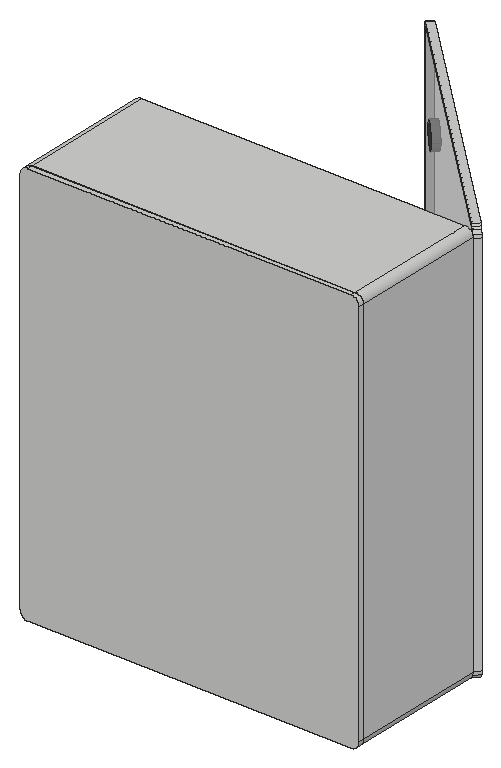
Revit family "Building-ContenitoriParete-GEWISS-44CEP-QUADRI-GWPLAST_PORTA_OBLO_IP55", category Attrezzatura elettrica, host Muro, Revit 2016
Family settings
  Host = Muro
  Configurazione quadro = Due colonne, circuiti in orizzontale
  Tipo di parte = Pannello comandi
  Quota connettore circolare = Usa diametro
  Numero OmniClass = 23.80.30.11.17
  Titolo OmniClass = Distribution Boards and Control Panels
  Sempre verticale = Sì
  Taglio con vuoti quando caricato = No
  Condiviso = No
  Punto di calcolo locali = Sì
Parameters (values of type "GW44821 - QUADRO 396X474X160 IP55 PORTA TRASP.")
  Vista di pianta [instance] = yes
  Versione file RFA = "18.0"
  URL = "https://www.gewiss.com/it/it"
  Tipologia porta = "Porta trasparente"
  Tipo Materiale = "Halogen free secondo norma EN 60754-2"
  Termopressione con biglia = "110 °C"
  Tensione nominale massima di impiego (Ue) = "750V"
  Tensione nominale di tenuta ad impulso = "750V"
  Tensione nominale di isolamento (Ui) = "750V"
  Tensione di isolamento: = "750 V"
  Tensione di isolamento = "750V"
  Temperatura di impiego = "-25 +60 °C"
  Struttura quadro = GEWISS - GRIGIO RAL 7035
  Sportello visibile [instance] = yes
  Spessore quadro = 160 mm
  Simbolo [instance] = yes
  Scheda Tecnica = "https://www.gewiss.com/it/it/search?q=GW44821"
  SEO = "Quadro"
  Resistenza agli urti = "IK08"
  Produttore = "GEWISS S.p.A."
  Potenza quadro = 0 V
  Potenza dissipabile B (W) = "46"
  Potenza dissipabile A (W) = "52"
  Porta = GEWISS - Pannello oblo : 2 FORI
  Pannello trasparente = GEWISS COPERCHIO TRASPARENTE
  Pannello = GEWISS - GRIGIO RAL 7035
  Offset etichetta nome quadro [instance] = 685.076 mm
  Normativa = "EN 61439-1, EN 61439-2, EN60670-1, IEC 60670-24"
  Norma di riferimento = "EN 61439-1, EN 61439-2, EN60670-1, IEC 60670-24"
  N. serrature = "2"
  N. mod. EN 50022: = "32 (16X2)"
  N. mod. EN 50022 per scompartimento = "32 (16X2)"
  Modello = "GW44821"
  Materiale = "Tecnopolimero GWPLAST 120"
  Maniglia visibile [instance] = yes
  Maniglia = GEWISS - NERO
  Larghezza quadro = 396 mm
  Immagine tipo = GW44818.jpg
  IFC.TypeObject = ""
  IFC.ExportType = ""
  IFC.ExportAs = ""
  IDT = "5cc5c3b4-320d-46b7-b248-1bf2549943c2"
  IDF = "facba7d6-4a7c-48fe-abf3-6be263addfb8"
  H_quadro = 474 mm
  H_da terra = 500 mm
  Grado di protezione = "IP55"
  Glow Wire Test = "650°C"
  GW - NOME QUADRO [instance] = "NOME QUADRO"
  GEWISS SCHEDA TECNICA = "http://pro.gewiss.com/irj/portal/?NavigationTarget=pcd:portal_content/com.gewiss.ZPPFDMain/com.gewiss.ZPPFDITMain/com.gewiss.ZPPFDITMainDefault/com.gewiss.ZPPFDITPages/com.gewiss.ZPPFDITPagesAP/com.gewiss.ZPPFDITPagesAPCatalogo/com.gewiss.ZPPPDITAPProductDetail&codProd=GW44821"
  Famiglia = "44 CEP"
  Etichetta nome quadro [instance] = yes
  Distanza_fori = 100 mm
  Distanza orizzontale del simbolo [instance] = 887.355 mm
  Distanza dal muro [instance] = 4.208 mm
  Dim. esterne BxHxP (mm) = "396x474x160"
  Descrizione = "QUADRO 396X474X160 IP55 PORTA TRASP."
  Creato da GEWISS S.p.A. = ""
  Cornice simbolo [instance] = yes
  Colore = "Grigio RAL 7035"
  Codice Electrocod = "1312"
  Codice EAN = "8011564028494"
  Classificazione carico = Other
  Classe isolamento = "II"
  Catalogo Serie = "44 CEP"
  Catalogo = "BUILDING"
  Carico Apparente = 0 VA
  COBie.Tagnumber = ""
  COBie.CreatedOn = ""
  COBie.CreatebBy = ""
  COBie.ComponentRegisterItemID = ""
  COBie.Component.TagNumber = ""
  COBie.Component.Space = ""
  COBie.Component.SerialNumber = ""
  COBie.Component.InstallationDate = ""
  COBie.Component.Description = ""
  COBie.Component.BarCode = ""
  Bidimensionale = 2D - CEP QUADRI STAGNI GWPLAST OBLO IP55 : 2 fori
  Apertura quadro [instance] = 45.00°
  Angolo di apertura reale [instance] = if(Apertura quadro < 0.00°, 0.00°, if(Apertura quadro > 180.00°, 180.00°, Apertura quadro))  # 45.00°
  Adatto per = ""
  Accessori per ripristino isolamento = "GW44621-GW46446-GW46451"
Types (4, lengths in mm): name | Spessore quadro | Scheda Tecnica | Potenza dissipabile B (W) | Potenza dissipabile A (W) | Porta | N. serrature | N. mod. EN 50022: | N. mod. EN 50022 per scompartimento | Modello | Larghezza quadro | IDT | H_quadro | GEWISS SCHEDA TECNICA | Dim. esterne BxHxP (mm) | Descrizione | Codice EAN | Bidimensionale | Adatto per
  GW44818 - QUADRO 200X254X135 IP55 PORTA TRASP. | 135 | "https://www.gewiss.com/it/it/search?q=GW44818" | "17" | "16" | GEWISS - Pannello oblo : 1 FORO | "1" | "" | "-" | "GW44818" | 200 | "d19593ec-06e7-44d2-9f46-525c03a0a61d" | 254 | "http://pro.gewiss.com/irj/portal/?NavigationTarget=pcd:portal_content/com.gewiss.ZPPFDMain/com.gewiss.ZPPFDITMain/com.gewiss.ZPPFDITMainDefault/com.gewiss.ZPPFDITPages/com.gewiss.ZPPFDITPagesAP/com.gewiss.ZPPFDITPagesAPCatalogo/com.gewiss.ZPPPDITAPProductDetail&codProd=GW44818" | "200x254x135" | "QUADRO 200X254X135 IP55 PORTA TRASP." | "8011564028517" | 2D - CEP QUADRI STAGNI GWPLAST OBLO IP55 : 1 foro | "EN 61439-1, EN 61439-2, EN60670-1, IEC 60670-24"
  GW44819 - QUADRO 236X316X135 IP55 PORTA TRASP. | 135 | "https://www.gewiss.com/it/it/search?q=GW44819" | "31" | "26" | GEWISS - Pannello oblo : 1 FORO | "1" | "8" | "8" | "GW44819" | 236 | "1f202373-ad31-4729-a65f-5dc22bbf5d86" | 316 | "http://pro.gewiss.com/irj/portal/?NavigationTarget=pcd:portal_content/com.gewiss.ZPPFDMain/com.gewiss.ZPPFDITMain/com.gewiss.ZPPFDITMainDefault/com.gewiss.ZPPFDITPages/com.gewiss.ZPPFDITPagesAP/com.gewiss.ZPPFDITPagesAPCatalogo/com.gewiss.ZPPPDITAPProductDetail&codProd=GW44819" | "236x316x135" | "QUADRO 236X316X135 IP55 PORTA TRASP." | "8011564028487" | 2D - CEP QUADRI STAGNI GWPLAST OBLO IP55 : 1 foro | ""
  GW44820 - QUADRO 316X396X160 IP55 PORTA TRASP. | 160 | "https://www.gewiss.com/it/it/search?q=GW44820" | "34" | "42" | GEWISS - Pannello oblo : 2 FORI | "2" | "24 (12X2)" | "24 (12X2)" | "GW44820" | 316 | "8dc7f18f-a9aa-4d61-acd5-d09d0a745ae5" | 396 | "http://pro.gewiss.com/irj/portal/?NavigationTarget=pcd:portal_content/com.gewiss.ZPPFDMain/com.gewiss.ZPPFDITMain/com.gewiss.ZPPFDITMainDefault/com.gewiss.ZPPFDITPages/com.gewiss.ZPPFDITPagesAP/com.gewiss.ZPPFDITPagesAPCatalogo/com.gewiss.ZPPPDITAPProductDetail&codProd=GW44820" | "316x396x160" | "QUADRO 316X396X160 IP55 PORTA TRASP." | "8011564028500" | 2D - CEP QUADRI STAGNI GWPLAST OBLO IP55 : 2 fori | ""
  GW44821 - QUADRO 396X474X160 IP55 PORTA TRASP. | 160 | "https://www.gewiss.com/it/it/search?q=GW44821" | "46" | "52" | GEWISS - Pannello oblo : 2 FORI | "2" | "32 (16X2)" | "32 (16X2)" | "GW44821" | 396 | "5cc5c3b4-320d-46b7-b248-1bf2549943c2" | 474 | "http://pro.gewiss.com/irj/portal/?NavigationTarget=pcd:portal_content/com.gewiss.ZPPFDMain/com.gewiss.ZPPFDITMain/com.gewiss.ZPPFDITMainDefault/com.gewiss.ZPPFDITPages/com.gewiss.ZPPFDITPagesAP/com.gewiss.ZPPFDITPagesAPCatalogo/com.gewiss.ZPPPDITAPProductDetail&codProd=GW44821" | "396x474x160" | "QUADRO 396X474X160 IP55 PORTA TRASP." | "8011564028494" | 2D - CEP QUADRI STAGNI GWPLAST OBLO IP55 : 2 fori | ""
Reference planes
  plane 1 "Muro": y = 0
  plane 2 "Centro (Sinistra/Destra)": x = 125
  plane 3 "Indietro": y = 75
  plane 4 "SX": x = -73
  plane 5 "DX": x = 323
  plane 6: y = 241
  plane 7 "Base quadro": z = 500
  plane 8: z = 974
  plane 9: y = 81
  plane 10: z = 737
  plane 11: x = -960.355
  plane 12: y = 760.076
Forms (mm)
  Extrusion 1, solid, material "GEWISS - GRIGIO RAL 7035" <- "Struttura quadro"
    sketch origin (0, 0, 0) x (1, 0, 0) y (0, 0, 1)
      loop
        line (313.613, 974) -> (-63.613, 974)
        arc (-63.613, 974) -> (-70.251, 971.251) -> (-73, 964.613) r 9.387
        line (-73, 964.613) -> (-73, 509.387)
        arc (-73, 509.387) -> (-70.251, 502.749) -> (-63.613, 500) r 9.387
        line (-63.613, 500) -> (313.613, 500)
        arc (313.613, 500) -> (320.251, 502.749) -> (323, 509.387) r 9.387
        line (323, 509.387) -> (323, 964.613)
        arc (323, 964.613) -> (320.251, 971.251) -> (313.613, 974) r 9.387
      loop
        line (297.613, 954) -> (-47.613, 954)
        arc (-47.613, 954) -> (-51.422, 952.422) -> (-53, 948.613) r 5.387
        line (-53, 948.613) -> (-53, 525.387)
        arc (-53, 525.387) -> (-51.422, 521.578) -> (-47.613, 520) r 5.387
        line (-47.613, 520) -> (297.613, 520)
        arc (297.613, 520) -> (301.422, 521.578) -> (303, 525.387) r 5.387
        line (303, 525.387) -> (303, 948.613)
        arc (303, 948.613) -> (301.422, 952.422) -> (297.613, 954) r 5.387
    from -241 to -81
  Extrusion 2, solid, material "GEWISS - GRIGIO RAL 7035" <- "Pannello"
    sketch origin (0, 0, 0) x (1, 0, 0) y (0, 0, 1)
      loop
        arc (-63.613, 974) -> (-70.251, 971.251) -> (-73, 964.613) r 9.387
        line (-73, 964.613) -> (-73, 509.387)
        arc (-73, 509.387) -> (-70.251, 502.749) -> (-63.613, 500) r 9.387
        line (-63.613, 500) -> (313.613, 500)
        arc (313.613, 500) -> (320.251, 502.749) -> (323, 509.387) r 9.387
        line (323, 509.387) -> (323, 964.613)
        arc (323, 964.613) -> (320.251, 971.251) -> (313.613, 974) r 9.387
        line (313.613, 974) -> (-63.613, 974)
    from -81 to -75
Lines and regions (mm)
  Masking region 1, visible <- "Vista di pianta"
    outline origin (-33, 241, 0) x (0.984808, 0.173648, 0) y (-0.173648, 0.984808, 0)
      loop
        line (321.766, -225.297) -> (350.592, -61.819) -> (-39.392, 6.946) -> (-68.218, -156.532) -> (321.766, -225.297)
  Masking region 2
    outline origin (125, 0, 0) x (0, 1, 0) y (0, 0, 1)
      loop
        line (75, 500) -> (241, 500) -> (241, 974) -> (75, 974) -> (75, 500)
  Masking region 3, visible <- "Vista di pianta"
    outline origin (-42.761, 185.643, 0) x (0.984808, 0.173648, 0) y (-0.173648, 0.984808, 0)
      loop
        line (142.68, 315.386) -> (369.817, -8.998) -> (376.37, -4.41) -> (149.234, 319.975) -> (142.68, 315.386)
  reference lines
    curve 1: line (323, 241, 0) -> (40.157, 523.843, 0)
Text (mm)
  text "Lato posizionamento" at (-2540.362, 1733.729, 0), in view "Livello rif."
  text "Lato posizionamento" at (0, 1409.804, 2854.306), in view "Sinistra"
  text "Lato posizionamento" at (0, 499.811, 2980.732), in view "Destra"
Dimensions and locks
  locked: plane 3 "Indietro" to host wall
  "H_da terra": level to plane 7 "Base quadro"
  "H_quadro": plane 7 "Base quadro" to plane 8
  locked: plane 9 to host wall at 6
  "Spessore quadro": plane 6 to plane 9
  equal spacing: plane 7 "Base quadro", plane 10, plane 8
  "Larghezza quadro": plane 4 "SX" to plane 5 "DX"
  "Distanza orizzontale del simbolo": plane 11 to plane 4 "SX"
  "Offset etichetta nome quadro": plane 12 to plane 3 "Indietro"
  equal spacing: plane 4 "SX", plane 2 "Centro (Sinistra/Destra)", plane 5 "DX"
  locked: Extrusion 1 sketch curve to Extrusion 1 sketch curve at 20  (x4)
  "Apertura quadro": angle curve 1 to plane 6
  aligned and locked: plane 1 "Muro" to host wall
  aligned and locked: plane 8 to Extrusion 1 sketch curve
  aligned and locked: plane 5 "DX" to Extrusion 1 sketch curve
  aligned and locked: Extrusion 1 sketch curve to plane 7 "Base quadro"
  aligned and locked: Extrusion 1 sketch curve to plane 4 "SX"
  aligned and locked: plane 6 to Extrusion 1
  aligned and locked: Extrusion 1 to plane 9
  aligned and locked: plane 9 to Extrusion 2
  aligned and locked: Extrusion 2 to host wall
  aligned and locked: nested 2 to plane 12
  aligned and locked: plane 11 to nested 3
  aligned and locked: Masking region 1 sketch curve to plane 6
  aligned and locked: Masking region 1 sketch curve to plane 3 "Indietro"
  aligned and locked: Masking region 1 sketch curve to plane 5 "DX"
  aligned and locked: plane 4 "SX" to Masking region 1 sketch curve
  aligned and locked: Masking region 2 sketch curve to Extrusion 2
  aligned and locked: Masking region 2 sketch curve to Extrusion 1  (x2)
  aligned and locked: plane 10 to nested 4
  aligned and locked: plane 5 "DX" to nested 4
  aligned and locked: plane 7 "Base quadro" to nested 1
  aligned and locked: plane 6 to Masking region 1  (x2)
  aligned and locked: Extrusion 2 sketch curve to Extrusion 1  (x4)
  aligned and locked: plane 2 "Centro (Sinistra/Destra)" to nested 2
  aligned and locked: plane 5 "DX" to curve 1
  aligned and locked: Masking region 3 sketch curve to nested 1  (x3)
  aligned and locked: nested 1 to Masking region 3 sketch curve
  aligned and locked: nested 1 to curve 1  (x2)
Automatic sketch dimensions
  Extrusion 1 sketch curve to Extrusion 1 sketch curve = 16 mm  (x4)
  Extrusion 1 sketch curve to Extrusion 1 sketch curve = 5.387 mm  (x3)
  Extrusion 1 sketch curve to Extrusion 1 sketch curve = 10.613 mm
  Extrusion 2 sketch curve to Extrusion 2 sketch curve = 9.387 mm  (x2)
  Extrusion 2 sketch curve to plane 5 "DX" = 9.387 mm  (x2)
  Masking region 2 sketch curve to plane 7 "Base quadro" = 0 mm
  curve 1 to plane 6 = 0 mm
Nested families
  nested 1: "GEWISS - Pannello oblo" at (182.993, 381.007, 104) x (0.7071, -0.7071, 0) z (0, 0, 1), visible <- "Sportello visibile", H_pannello <- "H_quadro", Larghezza pannello <- "Larghezza quadro", type <- "Porta", type "2 FORI"
    with Larghezza pannello 396 mm, H_pannello 474 mm
  nested 2: "NOME QUADRO" at (125, 760.076, 0), TXT <- "GW - NOME QUADRO", visible <- "Etichetta nome quadro", type "NOME QUADRO"
    with TXT "NOME QUADRO"
  nested 3: "QUADRILAN" at (-960.355, 75, 0), Distanza dal muro <- "Distanza dal muro", BORDO ACCESO <- "Cornice simbolo", SIMBOLO ACCESO <- "Simbolo", type "QUADRILAN"
    with SIMBOLO ACCESO yes, Distanza dal muro 4.208 mm, BORDO ACCESO yes
  nested 4: "2D - CEP QUADRI STAGNI GWPLAST OBLO IP55" at (125, 0, 737) x (-1, 0, 0) z (0, -1, 0), Altezza <- "H_quadro", Larghezza <- "Larghezza quadro", type <- "Bidimensionale", type "2 fori"
    with Larghezza 396 mm, Altezza 474 mm
Connectors
  electrical at (125, 161, 974), driven by "Carico Apparente", driven by "Classificazione carico", driven by "Potenza quadro"
    settings: on Extrusion 1, index 1, voltage 0 V, apparent load 0 VA, apparent load phase1 0 VA, apparent load phase2 0 VA, apparent load phase3 0 VA, power factor 1, load classification "Other", number of poles 1, system type 31, power factor state 1, is connector primary yes, connector utility no, sub classification motor no, connector description ""
Definition of nested family "GEWISS - Pannello oblo"
  Parameters (values of type "1 FORO")
    Default Elevation = 1219.2 mm
    Pannello trasparente = none
    Pannello = none
    Maniglia = none
    Larghezza pannello [instance] = 316 mm
    H_pannello [instance] = 396 mm
    H_da terra = 396 mm
    2 FORI = no
    1 FORO = yes
  Types (2, lengths in mm): name | 2 FORI | 1 FORO
    1 FORO | no | yes
    2 FORI | yes | no
  Reference planes
    plane 1 "Centro (Fronte/Retro)": y = 0
    plane 2: z = 0
    plane 3 "Centro (Sinistra/Destra)": x = 0
    plane 4: x = -158
    plane 5: x = 158
    plane 6: y = 8
    plane 7: z = 792
    plane 8: z = 396
    plane 9: z = 594
    plane 10: x = -115.8
    plane 11: z = 691.5
    plane 12: z = 508.2
  Forms (mm)
    Extrusion 1, solid, material <- "Pannello", visible <- "1 FORO"
      sketch origin (0, 0, 0) x (1, 0, 0) y (0, 0, 1)
        loop
          line (-148.613, 792) -> (-152.972, 790.92) -> (-155.581, 788.905) -> (-157.569, 785.491) -> (-158, 781.674) -> (-158, 406.326) -> (-157.277, 401.774) -> (-155.331, 398.831) -> (-152.312, 396.76) -> (-148.613, 396) -> (148.613, 396) -> (152.205, 396.714) -> (155.251, 398.749) -> (157.335, 401.918) -> (158, 406.326) -> (158, 781.674) -> (157.678, 785.136) -> (155.581, 788.905) -> (152.77, 791.023) -> (148.613, 792) -> (-148.613, 792)
        loop
          arc (-148.613, 787) -> (-151.762, 785.124) -> (-153, 781.674) r 5.426
          line (-153, 781.674) -> (-153, 406.326)
          arc (-153, 406.326) -> (-151.762, 402.876) -> (-148.613, 401) r 5.426
          line (-148.613, 401) -> (148.613, 401)
          arc (148.613, 401) -> (151.762, 402.876) -> (153, 406.326) r 5.426
          line (153, 406.326) -> (153, 781.674)
          arc (153, 781.674) -> (151.762, 785.124) -> (148.613, 787) r 5.426
          line (148.613, 787) -> (-148.613, 787)
      from -8 to 0
    Extrusion 2, solid, material <- "Maniglia", visible <- "1 FORO"
      sketch origin (0, 0, 0) x (1, 0, 0) y (0, 0, 1)
        loop
          circle (-115.8, 594) r 14.644
      from -8 to 0
    Extrusion 3, solid, material <- "Pannello", visible <- "2 FORI"
      sketch origin (0, 0, 0) x (1, 0, 0) y (0, 0, 1)
        loop
          line (-148.613, 792) -> (-152.972, 790.92) -> (-155.581, 788.905) -> (-157.569, 785.491) -> (-158, 781.674) -> (-158, 406.326) -> (-157.277, 401.774) -> (-155.331, 398.831) -> (-152.312, 396.76) -> (-148.613, 396) -> (148.613, 396) -> (152.205, 396.714) -> (155.251, 398.749) -> (157.335, 401.918) -> (158, 406.326) -> (158, 781.674) -> (157.678, 785.136) -> (155.581, 788.905) -> (152.77, 791.023) -> (148.613, 792) -> (-148.613, 792)
        loop
          line (-153, 781.674) -> (-153, 406.326)
          arc (-153, 406.326) -> (-151.762, 402.876) -> (-148.613, 401) r 5.426
          line (-148.613, 401) -> (148.613, 401)
          arc (148.613, 401) -> (151.762, 402.876) -> (153, 406.326) r 5.426
          line (153, 406.326) -> (153, 781.674)
          arc (153, 781.674) -> (151.762, 785.124) -> (148.613, 787) r 5.426
          line (148.613, 787) -> (-148.613, 787)
          arc (-148.613, 787) -> (-151.762, 785.124) -> (-153, 781.674) r 5.426
      from -8 to 0
    Extrusion 4, solid, material <- "Maniglia", visible <- "2 FORI"
      sketch origin (0, 0, 0) x (1, 0, 0) y (0, 0, 1)
        loop
          circle (-115.8, 691.5) r 14.644
        loop
          circle (-115.8, 508.2) r 14.644
      from -8 to 0
    Extrusion 5, solid, material <- "Pannello trasparente", visible <- "2 FORI"
      sketch origin (0, 0, 0) x (1, 0, 0) y (0, 0, 1)
        loop
          arc (-148.613, 787) -> (-151.762, 785.124) -> (-153, 781.674) r 5.426
          line (-153, 781.674) -> (-153, 406.326)
          arc (-153, 406.326) -> (-151.762, 402.876) -> (-148.613, 401) r 5.426
          line (-148.613, 401) -> (148.613, 401)
          arc (148.613, 401) -> (151.762, 402.876) -> (153, 406.326) r 5.426
          line (153, 406.326) -> (153, 781.674)
          arc (153, 781.674) -> (151.762, 785.124) -> (148.613, 787) r 5.426
          line (148.613, 787) -> (-148.613, 787)
        loop
          circle (-115.8, 691.5) r 14.644
        loop
          circle (-115.8, 508.2) r 14.644
      from -8 to 0
    Extrusion 6, solid, material <- "Pannello trasparente", visible <- "1 FORO"
      sketch origin (0, 0, 0) x (1, 0, 0) y (0, 0, 1)
        loop
          arc (-148.613, 787) -> (-151.762, 785.124) -> (-153, 781.674) r 5.426
          line (-153, 781.674) -> (-153, 406.326)
          arc (-153, 406.326) -> (-151.762, 402.876) -> (-148.613, 401) r 5.426
          line (-148.613, 401) -> (148.613, 401)
          arc (148.613, 401) -> (151.762, 402.876) -> (153, 406.326) r 5.426
          line (153, 406.326) -> (153, 781.674)
          arc (153, 781.674) -> (151.762, 785.124) -> (148.613, 787) r 5.426
          line (148.613, 787) -> (-148.613, 787)
        loop
          circle (-115.8, 594) r 14.644
      from -8 to 0
  Dimensions and locks
    locked: plane 1 "Centro (Fronte/Retro)" to plane 6 at 8
    "H_pannello": plane 7 to plane 8
    "H_da terra": plane 8 to plane 2
    "Larghezza pannello": plane 4 to plane 5
    equal spacing: plane 5, plane 3 "Centro (Sinistra/Destra)", plane 4
    equal spacing: plane 7, plane 9, plane 8
    locked: plane 7 to plane 11 at 100.5
    locked: plane 12 to plane 8 at 112.2
    locked: plane 10 to plane 4 at 42.2
    aligned and locked: level to plane 2
    aligned and locked: plane 6 to Extrusion 1
    aligned and locked: plane 1 "Centro (Fronte/Retro)" to Extrusion 1
    aligned and locked: plane 6 to Extrusion 2
    aligned and locked: plane 1 "Centro (Fronte/Retro)" to Extrusion 2
    aligned and locked: Extrusion 1 sketch curve to Extrusion 3  (x4)
    aligned and locked: Extrusion 5 sketch curve to Extrusion 3  (x4)
    aligned and locked: Extrusion 5 sketch curve to Extrusion 4  (x4)
    aligned and locked: Extrusion 6 sketch curve to Extrusion 3  (x4)
    aligned and locked: Extrusion 6 sketch curve to Extrusion 2  (x2)
    aligned and locked: plane 6 to Extrusion 6
    aligned and locked: plane 1 "Centro (Fronte/Retro)" to Extrusion 6
    aligned and locked: plane 6 to Extrusion 5
    aligned and locked: plane 1 "Centro (Fronte/Retro)" to Extrusion 5
  Automatic sketch dimensions
    plane 4 to Extrusion 1 sketch curve = 0.431 mm
    plane 4 to Extrusion 1 sketch curve = 0.723 mm
    plane 4 to Extrusion 1 sketch curve = 2.419 mm
    plane 4 to Extrusion 1 sketch curve = 2.669 mm
    Extrusion 1 sketch curve to plane 7 = 1.08 mm
    Extrusion 1 sketch curve to Extrusion 1 sketch curve = 2.609 mm
    plane 8 to Extrusion 1 sketch curve = 0.76 mm
    Extrusion 1 sketch curve to Extrusion 1 sketch curve = 3.019 mm
    Extrusion 1 sketch curve to Extrusion 1 sketch curve = 4.359 mm
    Extrusion 1 sketch curve to Extrusion 1 sketch curve = 3.699 mm
    Extrusion 1 sketch curve to plane 5 = 9.387 mm  (x2)
    plane 8 to Extrusion 1 sketch curve = 0.714 mm
    Extrusion 1 sketch curve to Extrusion 1 sketch curve = 3.592 mm
    Extrusion 1 sketch curve to plane 7 = 0.977 mm
    Extrusion 1 sketch curve to Extrusion 1 sketch curve = 4.157 mm
    Extrusion 1 sketch curve to plane 5 = 2.749 mm
    Extrusion 1 sketch curve to plane 5 = 2.419 mm
    Extrusion 1 sketch curve to plane 5 = 0.665 mm
    Extrusion 1 sketch curve to plane 5 = 0.322 mm
    plane 8 to Extrusion 1 sketch curve = 2.749 mm
    plane 8 to Extrusion 1 sketch curve = 2.831 mm
    Extrusion 1 sketch curve to Extrusion 1 sketch curve = 2.944 mm
    Extrusion 1 sketch curve to Extrusion 1 sketch curve = 3.168 mm
    Extrusion 1 sketch curve to Extrusion 1 sketch curve = 4.408 mm
    Extrusion 1 sketch curve to Extrusion 1 sketch curve = 4.552 mm
    Extrusion 1 sketch curve to plane 7 = 10.326 mm  (x2)
    Extrusion 1 sketch curve to Extrusion 1 sketch curve = 3.462 mm
    Extrusion 1 sketch curve to Extrusion 1 sketch curve = 3.817 mm
    Extrusion 1 sketch curve to plane 7 = 3.095 mm  (x2)
    Extrusion 1 sketch curve to plane 4 = 0 mm
    Extrusion 1 sketch curve to plane 5 = 0 mm
    Extrusion 1 sketch curve to plane 8 = 0 mm
    Extrusion 1 sketch curve to plane 7 = 0 mm
    Extrusion 4 sketch curve to plane 10 = 0 mm  (x2)
    Extrusion 4 sketch curve to plane 12 = 0 mm
    Extrusion 4 sketch curve to plane 11 = 0 mm
    Extrusion 3 sketch curve to plane 4 = 0 mm
    Extrusion 3 sketch curve to plane 8 = 0 mm
    Extrusion 3 sketch curve to plane 7 = 0 mm
    Extrusion 3 sketch curve to plane 5 = 0 mm
    plane 4 to Extrusion 3 sketch curve = 0.431 mm
    plane 4 to Extrusion 3 sketch curve = 0.723 mm
    plane 4 to Extrusion 3 sketch curve = 2.419 mm
    plane 4 to Extrusion 3 sketch curve = 2.669 mm
    plane 4 to Extrusion 3 sketch curve = 5 mm
    Extrusion 3 sketch curve to plane 7 = 1.08 mm
    Extrusion 3 sketch curve to Extrusion 3 sketch curve = 2.609 mm
    plane 8 to Extrusion 3 sketch curve = 0.76 mm
    Extrusion 3 sketch curve to Extrusion 3 sketch curve = 3.019 mm
    Extrusion 3 sketch curve to Extrusion 3 sketch curve = 3.699 mm
    Extrusion 3 sketch curve to Extrusion 3 sketch curve = 4.359 mm  (x2)
    Extrusion 3 sketch curve to Extrusion 3 sketch curve = 0 mm  (x3)
    Extrusion 3 sketch curve to Extrusion 3 sketch curve = 1.039 mm
    Extrusion 3 sketch curve to Extrusion 3 sketch curve = 5.426 mm
    Extrusion 3 sketch curve to Extrusion 3 sketch curve = 10.426 mm  (x2)
    Extrusion 3 sketch curve to plane 5 = 9.387 mm  (x2)
    plane 8 to Extrusion 3 sketch curve = 0.714 mm
    Extrusion 3 sketch curve to Extrusion 3 sketch curve = 3.592 mm
    Extrusion 3 sketch curve to plane 7 = 0.977 mm
    Extrusion 3 sketch curve to Extrusion 3 sketch curve = 4.157 mm
    Extrusion 3 sketch curve to Extrusion 3 sketch curve = 5 mm
    Extrusion 3 sketch curve to plane 5 = 2.749 mm
    Extrusion 3 sketch curve to plane 5 = 2.419 mm
    Extrusion 3 sketch curve to plane 5 = 0.665 mm
    Extrusion 3 sketch curve to plane 5 = 0.322 mm
    plane 8 to Extrusion 3 sketch curve = 2.749 mm
    plane 8 to Extrusion 3 sketch curve = 2.831 mm
    plane 8 to Extrusion 3 sketch curve = 5 mm
    Extrusion 3 sketch curve to Extrusion 3 sketch curve = 2.944 mm
    Extrusion 3 sketch curve to Extrusion 3 sketch curve = 3.168 mm
    Extrusion 3 sketch curve to Extrusion 3 sketch curve = 4.408 mm
    Extrusion 3 sketch curve to Extrusion 3 sketch curve = 4.552 mm
    Extrusion 3 sketch curve to plane 7 = 10.326 mm  (x3)
    Extrusion 3 sketch curve to Extrusion 3 sketch curve = 3.462 mm
    Extrusion 3 sketch curve to Extrusion 3 sketch curve = 3.817 mm
    Extrusion 3 sketch curve to plane 7 = 3.095 mm  (x2)
    Extrusion 1 sketch curve to Extrusion 1 sketch curve = 0 mm  (x4)
    Extrusion 1 sketch curve to Extrusion 1 sketch curve = 1.039 mm  (x4)
    Extrusion 5 sketch curve to Extrusion 5 sketch curve = 4.387 mm  (x2)
    Extrusion 5 sketch curve to Extrusion 5 sketch curve = 1.039 mm  (x4)
    Extrusion 5 sketch curve to plane 5 = 10.426 mm
    Extrusion 5 sketch curve to plane 7 = 10.326 mm
    Extrusion 6 sketch curve to Extrusion 6 sketch curve = 4.387 mm  (x2)
    Extrusion 6 sketch curve to Extrusion 6 sketch curve = 1.039 mm  (x4)
    Extrusion 6 sketch curve to plane 5 = 10.426 mm
    Extrusion 6 sketch curve to plane 7 = 10.326 mm
    Extrusion 2 sketch curve to plane 9 = 0 mm
    Extrusion 2 sketch curve to plane 10 = 0 mm
    radius of Extrusion 4 sketch curve = 14.644 mm  (x2)
    radius of Extrusion 2 sketch curve = 14.644 mm
Definition of nested family "NOME QUADRO"
  Parameters (values of type "NOME QUADRO")
    TXT [instance] = ""
  Reference planes
    plane 1: y = 0
    plane 2: x = 0
  Text (mm)
    label "NOME QUADRO" at (0.217, 0.029, 0), shows "TXT"
Definition of nested family "QUADRILAN"
  Parameters (values of type "QUADRILAN")
    SIMBOLO ACCESO [instance] = yes
    Distanza dal muro [instance] = 4.208 mm
    BORDO ACCESO [instance] = yes
  Reference planes
    plane 1: y = 0
    plane 2: x = 0
  Dimensions and locks
    "Distanza dal muro": plane 1 to nested 1
    aligned and locked: plane 2 to nested 1
  Nested families
    nested 1: "QUADRILAN_BASE" at (0, 4.208, 0), BORDO ACCESO <- "BORDO ACCESO", visible <- "SIMBOLO ACCESO", type "QUADRILAN"
      with BORDO ACCESO yes
  Definition of nested family "QUADRILAN_BASE"
    Parameters (values of type "QUADRILAN")
      Distanza dal muro = 4.208 mm
      BORDO ACCESO [instance] = yes
    Reference planes
      plane 1: y = 0
      plane 2: x = 0
    Lines and regions (mm)
      detail lines, visible <- "BORDO ACCESO"
        curve 1: line (-2, 2.5, 0) -> (2, 2.5, 0)
        curve 2: line (2, 2.5, 0) -> (2, 0, 0)
        curve 3: line (2, 0, 0) -> (-2, 0, 0)
        curve 4: line (-2, 0, 0) -> (-2, 2.5, 0)
        curve 5: line (-1.9, 2.4, 0) -> (1.9, 2.4, 0)
        curve 6: line (1.9, 2.4, 0) -> (1.9, 0.1, 0)
        curve 7: line (1.9, 0.1, 0) -> (-1.9, 0.1, 0)
        curve 8: line (-1.9, 0.1, 0) -> (-1.9, 2.4, 0)
      detail lines, visible <- "BORDO ACCESO", not visible
        curve 9: line (-2.443, 10.208, 0) -> (2.057, 10.208, 0)
        curve 10: line (2.057, 10.208, 0) -> (2.057, 4.208, 0)
        curve 11: line (2.057, 4.208, 0) -> (-2.443, 4.208, 0)
        curve 12: line (-2.443, 4.208, 0) -> (-2.443, 10.208, 0)
        curve 13: line (-2.043, 9.808, 0) -> (1.657, 9.808, 0)
        curve 14: line (1.657, 9.808, 0) -> (1.657, 4.608, 0)
        curve 15: line (1.657, 4.608, 0) -> (-2.043, 4.608, 0)
        curve 16: line (-2.043, 4.608, 0) -> (-2.043, 9.808, 0)
      detail lines
        curve 17: line (1.731, 0.358, 0) -> (-1.731, 2.088, 0)
        curve 18: line (-1.731, 2.088, 0) -> (-0.201, 2.088, 0)
        curve 19: line (-0.201, 2.088, 0) -> (1.731, 2.088, 0)
        curve 20: line (1.731, 2.088, 0) -> (1.731, 0.358, 0)
        curve 21: line (1.731, 0.358, 0) -> (-1.731, 0.358, 0)
        curve 22: line (-1.731, 0.358, 0) -> (-1.731, 2.088, 0)
    Dimensions and locks
      aligned and locked: curve 3 to plane 1
Definition of nested family "2D - CEP QUADRI STAGNI GWPLAST OBLO IP55"
  Parameters (values of type "1 foro")
    Larghezza [instance] = 396 mm
    Altezza [instance] = 474 mm
    2 fori = no
    1 foro = yes
  Types (2, lengths in mm): name | 2 fori | 1 foro
    1 foro | no | yes
    2 fori | yes | no
  Reference planes
    plane 1 "Centro (Fronte/Retro)": y = 0
    plane 2: z = 0
    plane 3 "Centro (Sinistra/Destra)": x = 0
    plane 4: x = -198
    plane 5: x = 198
    plane 6: y = 237
    plane 7: y = -237
  Lines and regions (mm)
    model lines, in view "Livello rif.", visible <- "2 fori", detail levels medium+fine
      curve 1: circle (155.757, -136.483, 0) r 14.644 normal (0, 0, 1)
      curve 2: circle (155.757, -136.483, 0) r 11.828 normal (0, 0, 1)
      curve 3: circle (155.757, -136.483, 0) r 7.04 normal (0, 0, 1)
      curve 4: circle (155.757, 124.834, 0) r 11.828 normal (0, 0, 1)
      curve 5: circle (155.757, 124.834, 0) r 14.644 normal (0, 0, 1)
      curve 6: circle (155.757, 124.834, 0) r 7.04 normal (0, 0, 1)
    model lines, in view "Livello rif."
      curve 7: line (-188.613, -237, 0) -> (-192.172, -236.299, 0)
      curve 8: line (-192.172, -236.299, 0) -> (-195.251, -234.251, 0)
      curve 9: line (-195.251, -234.251, 0) -> (-197.445, -230.793, 0)
      curve 10: line (-197.445, -230.793, 0) -> (-198, -227.613, 0)
      curve 11: line (-198, -227.613, 0) -> (-198, 226.674, 0)
      curve 13: line (198, 226.674, 0) -> (198, -227.613, 0)
      curve 14: line (198, -227.613, 0) -> (197.281, -231.215, 0)
      curve 15: line (197.281, -231.215, 0) -> (195.251, -234.251, 0)
      curve 16: line (195.251, -234.251, 0) -> (192.25, -236.267, 0)
      curve 17: line (192.25, -236.267, 0) -> (188.613, -237, 0)
      curve 18: line (188.613, -237, 0) -> (-188.613, -237, 0)
      curve 20: line (-198, 226.674, 0) -> (-198, 227.613, 0)
      curve 21: line (-198, 227.613, 0) -> (-197.339, 231.072, 0)
      curve 22: line (-197.339, 231.072, 0) -> (-195.362, 234.137, 0)
      curve 23: line (-195.362, 234.137, 0) -> (-192.869, 235.98, 0)
      curve 24: line (-192.869, 235.98, 0) -> (-188.613, 237, 0)
      curve 25: line (-188.613, 237, 0) -> (188.613, 237, 0)
      curve 26: line (188.613, 237, 0) -> (192.796, 236.016, 0)
      curve 27: line (192.796, 236.016, 0) -> (195.251, 234.251, 0)
      curve 28: line (195.251, 234.251, 0) -> (197.047, 231.734, 0)
      curve 29: line (197.047, 231.734, 0) -> (198, 227.613, 0)
      curve 30: line (198, 227.613, 0) -> (198, 226.674, 0)
    model lines, in view "Livello rif.", detail levels medium+fine
      curve 12: line (-198, 226.674, 0) -> (198, 226.674, 0)
      curve 19: line (198, -226.674, 0) -> (-198, -226.674, 0)
    detail lines, in view "Livello rif.", visible <- "1 foro", detail levels medium+fine
      curve 31: circle (155.757, 0, 0) r 11.828 normal (0, 0, 1)
      curve 32: circle (155.757, 0, 0) r 14.644 normal (0, 0, 1)
      curve 33: circle (155.757, 0, 0) r 7.04 normal (0, 0, 1)
    detail lines, in view "Livello rif."
      curve 34: line (-174.471, 149.002, 0) -> (-106.345, 194.238, 0)
      curve 35: line (-137.971, 148.286, 0) -> (-110.685, 166.404, 0)
      curve 36: line (-130.099, 131.826, 0) -> (-85.285, 161.582, 0)
      curve 40: line (153.701, -154.037, 0) -> (85.575, -199.273, 0)
      curve 41: line (117.202, -153.322, 0) -> (89.916, -171.439, 0)
      curve 42: line (109.329, -136.861, 0) -> (64.516, -166.617, 0)
    detail lines, in view "Livello rif.", not visible
      curve 37: line (-174.471, 149.002, 0) -> (-106.345, 194.238, 0)
      curve 38: line (-137.971, 148.286, 0) -> (-110.685, 166.404, 0)
      curve 39: line (-130.099, 131.826, 0) -> (-85.285, 161.582, 0)
  Dimensions and locks
    equal spacing: plane 6, plane 1 "Centro (Fronte/Retro)", plane 7
    "Altezza": plane 6 to plane 7
    equal spacing: plane 4, plane 3 "Centro (Sinistra/Destra)", plane 5
    "Larghezza": plane 4 to plane 5
    locked: curve 6 to plane 5 at 42.243
    locked: plane 6 to curve 5 at 112.166
    locked: curve 1 to plane 7 at 100.517
    curve 2 to plane 5 = 42.243 mm
    locked: curve 31 to plane 5 at 42.243
    locked: plane 6 to curve 34 at 87.998
    locked: plane 4 to curve 34 at 91.655
    locked: curve 40 to plane 7 at 37.727
    locked: curve 40 to plane 5 at 44.299
    aligned and locked: curve 25 to plane 6
    aligned and locked: plane 7 to curve 18
    aligned and locked: curve 13 to plane 5
    aligned and locked: plane 4 to curve 11
  Automatic sketch dimensions
    curve 1 to curve 2 = 0 mm  (x2)
    curve 1 to curve 3 = 0 mm  (x2)
    curve 4 to curve 5 = 0 mm  (x2)
    curve 4 to curve 6 = 0 mm  (x2)
    curve 31 to curve 32 = 0 mm  (x2)
    curve 32 to curve 33 = 0 mm
    plane 4 to curve 10 = 0.555 mm
    plane 4 to curve 22 = 0.661 mm
    plane 4 to curve 22 = 2.638 mm
    plane 4 to curve 9 = 2.749 mm
    curve 23 to plane 6 = 1.02 mm
    curve 22 to curve 23 = 2.493 mm
    plane 7 to curve 8 = 0.701 mm
    curve 8 to curve 8 = 3.078 mm
    curve 7 to curve 18 = 3.56 mm
    curve 23 to curve 24 = 4.256 mm
    curve 26 to plane 5 = 9.387 mm
    curve 17 to plane 5 = 9.387 mm
    plane 7 to curve 16 = 0.733 mm
    curve 17 to curve 16 = 3.637 mm
    curve 26 to plane 6 = 0.984 mm
    curve 25 to curve 26 = 4.183 mm
    curve 28 to plane 5 = 2.749 mm
    curve 15 to plane 5 = 2.749 mm
    curve 28 to plane 5 = 0.953 mm
    curve 14 to plane 5 = 0.719 mm
    plane 7 to curve 15 = 2.749 mm
    plane 7 to curve 8 = 2.749 mm
    curve 15 to curve 15 = 3.036 mm
    curve 8 to curve 9 = 3.458 mm
    curve 9 to curve 11 = 3.18 mm
    curve 14 to curve 13 = 3.602 mm
    curve 20 to plane 6 = 10.326 mm
    curve 12 to curve 29 = 0.939 mm
    curve 11 to curve 21 = 0.939 mm
    curve 20 to curve 22 = 3.46 mm
    curve 29 to curve 28 = 4.121 mm
    curve 22 to plane 6 = 2.863 mm
    curve 27 to plane 6 = 2.749 mm
    curve 13 to curve 19 = 0.939 mm
    curve 31 to curve 33 = 0 mm
    plane 1 "Centro (Fronte/Retro)" to curve 33 = 0 mm
    radius of curve 1 = 14.644 mm
    radius of curve 2 = 11.828 mm
    radius of curve 3 = 7.04 mm
    radius of curve 4 = 11.828 mm
    radius of curve 5 = 14.644 mm
    radius of curve 6 = 7.04 mm
    radius of curve 31 = 11.828 mm
    radius of curve 32 = 14.644 mm
    radius of curve 33 = 7.04 mm
